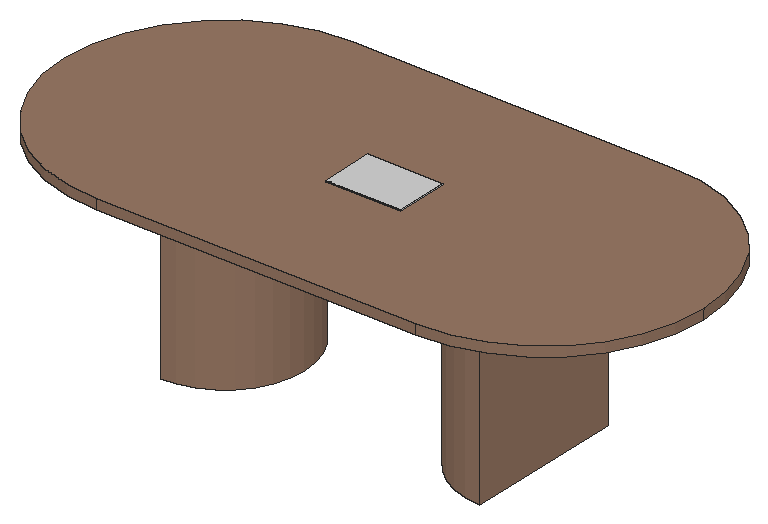
Revit family "Haworth_Executive_Table_SpecialRacetrack", category Furniture Systems, Revit 2018
Family settings
  Round Connector Dimension = Use Diameter
  Part Type = Normal
  OmniClass Number = 23.40.70.14.64.21
  OmniClass Title = Systems Furniture
  Work Plane-Based = No
  Always vertical = Yes
  Cut with Voids When Loaded = No
  Shared = No
  Room Calculation Point = No
Parameters (values of type "48d 96w Half Cylinder Bases")
  Wood X Size = if(Depth 60, 32", 26")  # 26"
  Width = 96"  # constant formula
  Warranty = "http://haworth.com/bottom-nav/product-info/warranty-info"
  URL - Product = "http://haworth.com/home/tables/executive/wood-conference-tables"
  Top Thickness = 1 1/2"  # constant formula
  Top Finish = Haworth - Wood - Mahogany
  Top Edge Finish = Haworth - Wood - Mahogany
  Sustainability = "http://haworth.com/bottom-nav/company-info/sustainability"
  Support Offset = if(Depth 60, 30", if(Depth 54, 27", if(Depth 48, 24", if(Depth 42, 21", 18"))))  # 24"
  Support Finish = Haworth - Wood - Mahogany
  Standard Widths = if(Depth 60, "108, 120 in.", if(Depth 54, "108, 120 in.", if(Depth 48, "84, 96, 108, 120 in.", if(Depth 42, "78, 84, 96, 108, 120 in.", "60, 66, 72, 78, 84 in."))))  # "84, 96, 108, 120 in."
  Slab Width = if(Actual Width < 79", Actual Width - 24", Actual Width - 48")  # 48"
  Size = "Verify Final Dim. w/ Haworth"  # constant formula
  Model = "Haworth_Executive-Table-Ractrack_Special"  # constant formula
  URL = "http://haworth.com/"
  Revision Number = "1"  # constant formula
  Min Width = if(Depth 60, 108", if(Depth 54, 108", if(Depth 48, 84", if(Depth 42, 78", 60"))))  # 84"
  Max Width = if(Depth 36, 84", 120")  # 120"
  Manufacturer = "Haworth"  # constant formula
  Flip Top Finish = Haworth - Paint - Metallic Champagne
  Cylinder Size = if(or(Depth 36, Depth 42), 18", if(or(Depth 48, Depth 54), 24", 30"))  # 24"
  Description = "Haworth_Executive-Table-Ractrack_Special"
  Depth 60 = no
  Depth 54 = no
  Depth 48 = yes
  Depth 42 = no
  Depth 36 = not(or(Depth 60, Depth 54, Depth 48, Depth 42))  # no
  Border Offset = 4 1/2"  # constant formula
  Border = yes
  Base Kit Wood X = no
  Base Kit Wood Slab = no
  Base Kit Half Cylinder = yes
  Base Kit Full Cylinder = not(or(Base Kit Wood X, Base Kit Wood Slab, Base Kit Half Cylinder))  # no
  Author = "Haworth (Hampton)"  # constant formula
  Assembly Code = "E2020200"
  Actual Width = if(Width < Min Width, Min Width, if(Width > Max Width, Max Width, Width))  # 96"
  Actual Height = 29 1/2"  # constant formula
  Standard Depths = "36, 42, 48, 54, 60 in."  # constant formula
  Actual Depth = 48"  # constant formula
Types (6): name | Wood X Size | Support Offset | Standard Widths | Slab Width | Min Width | Max Width | Cylinder Size | Description | Depth 60 | Depth 54 | Depth 48 | Depth 42 | Depth 36 | Base Kit Wood X | Base Kit Wood Slab | Base Kit Half Cylinder | Base Kit Full Cylinder | Actual Width
  (no name) | 26" | 24" | "84, 96, 108, 120 in." | 48" | 84" | 120" | 24" | "Haworth_Executive-Table-Ractrack_Special" | no | no | yes | no | no | no | no | yes | no | 96"
  60d 120w Slab Base | 32" | 30" | "108, 120 in." | 60" | 108" | 120" | 30" | "Haworth_Executive-Table-Rectangle_One-Piece" | yes | no | no | no | no | no | yes | no | no | 108"
  54d 120w X Bases | 26" | 27" | "108, 120 in." | 60" | 108" | 120" | 24" | "Haworth_Executive-Table-Rectangle_One-Piece" | no | yes | no | no | no | yes | no | no | no | 108"
  48d 96w Half Cylinder Bases | 26" | 24" | "84, 96, 108, 120 in." | 48" | 84" | 120" | 24" | "Haworth_Executive-Table-Ractrack_Special" | no | no | yes | no | no | no | no | yes | no | 96"
  42d 96w Full Cylinder Bases | 26" | 21" | "78, 84, 96, 108, 120 in." | 48" | 78" | 120" | 18" | "Haworth_Executive-Table-Rectangle_One-Piece" | no | no | no | yes | no | no | no | no | yes | 96"
  36d 72w Slab Base | 26" | 18" | "60, 66, 72, 78, 84 in." | 36" | 60" | 84" | 18" | "Haworth_Executive-Table-Rectangle_One-Piece" | no | no | no | no | yes | no | yes | no | no | 84"
Reference planes (in)
  plane 1 "Center F/B": y = -0.15866
  plane 2 "Floor": z = 0
  plane 3 "Center L/R": x = 0
  plane 4 "Table Edge Left": x = -48
  plane 5 "Table Edge Right": x = 48
  plane 6 "Table Edge Back": y = -24.15866
  plane 7 "Table Edge Front": y = 23.84134
  plane 8 "Table Top": z = 29.5
  plane 9 "Table Top Bottom": z = 28
  plane 10 "Leg Outside Left": x = -24
  plane 11 "Leg Outside Right": x = 24
  plane 12 "Trim Left": x = -43.5
  plane 13 "Trim Right": x = 43.5
  plane 14 "Trim Top": y = 19.34134
  plane 15 "Trim Bottom": y = -19.65866
Forms (in)
  Extrusion 1, solid, material "Haworth - Wood - Mahogany" <- "Top Finish"
    sketch origin (0, 0, 0) x (1, 0, 0) y (0, 1, 0)
      loop
        arc (-24, 23.84134) -> (-40.97056, 16.8119) -> (-48, -0.15866) r 24
        arc (-48, -0.15866) -> (-40.97056, -17.12922) -> (-24, -24.15866) r 24
        line (-24, -24.15866) -> (24, -24.15866)
        arc (24, -24.15866) -> (40.97056, -17.12922) -> (48, -0.15866) r 24
        arc (48, -0.15866) -> (40.97056, 16.8119) -> (24, 23.84134) r 24
        line (24, 23.84134) -> (-24, 23.84134)
    from 28 to 29.5
Lines and regions (in)
  Masking region 1
    outline origin (0, 0, 25.33203) x (0, -1, 0) y (1, 0, 0)
      loop
        arc (-23.84134, -24) -> (-16.8119, -40.97056) -> (0.15866, -48) r 24
        arc (0.15866, -48) -> (17.12922, -40.97056) -> (24.15866, -24) r 24
        line (24.15866, -24) -> (24.15866, 24)
        arc (24.15866, 24) -> (17.12922, 40.97056) -> (0.15866, 48) r 24
        arc (0.15866, 48) -> (-16.8119, 40.97056) -> (-23.84134, 24) r 24
        line (-23.84134, 24) -> (-23.84134, -24)
Dimensions and locks (in)
  "Actual Depth": plane 7 "Table Edge Front" to plane 6 "Table Edge Back"
  "Actual Width": plane 4 "Table Edge Left" to plane 5 "Table Edge Right"
  equal spacing: plane 4 "Table Edge Left", plane 3 "Center L/R", plane 5 "Table Edge Right"
  equal spacing: plane 7 "Table Edge Front", plane 1 "Center F/B", plane 6 "Table Edge Back"
  "Actual Height": plane 8 "Table Top" to level
  "Top Thickness": plane 8 "Table Top" to plane 9 "Table Top Bottom"
  "Support Offset": plane 4 "Table Edge Left" to plane 10 "Leg Outside Left"
  "Support Offset": plane 11 "Leg Outside Right" to plane 5 "Table Edge Right"
  "Border Offset": plane 7 "Table Edge Front" to plane 14 "Trim Top"
  "Border Offset": plane 15 "Trim Bottom" to plane 6 "Table Edge Back"
  "Border Offset": plane 4 "Table Edge Left" to plane 12 "Trim Left"
  "Border Offset": plane 13 "Trim Right" to plane 5 "Table Edge Right"
  aligned and locked: Extrusion 1 sketch curve to plane 7 "Table Edge Front"
  aligned and locked: plane 6 "Table Edge Back" to Extrusion 1 sketch curve
  aligned and locked: Extrusion 1 to plane 8 "Table Top"
  aligned and locked: Extrusion 1 to plane 9 "Table Top Bottom"
  aligned and locked: Masking region 1 sketch curve to Extrusion 1  (x2)
  aligned and locked: plane 3 "Center L/R" to nested 1
  aligned and locked: plane 1 "Center F/B" to nested 1
  aligned and locked: plane 10 "Leg Outside Left" to nested 2
  aligned and locked: plane 1 "Center F/B" to nested 2
  aligned and locked: nested 3 to plane 11 "Leg Outside Right"
  aligned and locked: plane 1 "Center F/B" to nested 3
  aligned and locked: nested 5 to nested 1
  aligned and locked: nested 5 to plane 10 "Leg Outside Left"
  aligned and locked: plane 1 "Center F/B" to nested 4
  aligned and locked: nested 4 to plane 11 "Leg Outside Right"
  aligned and locked: plane 10 "Leg Outside Left" to nested 6
  aligned and locked: plane 1 "Center F/B" to nested 6
  aligned and locked: nested 7 to plane 11 "Leg Outside Right"
  aligned and locked: plane 1 "Center F/B" to nested 7
Automatic sketch dimensions
  Masking region 1 sketch curve to Masking region 1 sketch curve = 0"  (x3)
  Masking region 1 sketch curve to plane 11 "Leg Outside Right" = 0"
  Masking region 1 sketch curve to plane 4 "Table Edge Left" = 0"
  Extrusion 1 sketch curve to Extrusion 1 sketch curve = 0"  (x4)
  plane 1 "Center F/B" to Extrusion 1 sketch curve = 0"
  Extrusion 1 sketch curve to plane 4 "Table Edge Left" = 0"
  Extrusion 1 sketch curve to plane 11 "Leg Outside Right" = 0"
Nested families (in)
  nested 1: "Haworth_Executive-Base_Wood-Slab-Small" at (0, 0, 0), visible <- "Base Kit Wood Slab", type "Wood Slab"
    with Width 48", Actual Width 48"
  nested 2: "Haworth_Executive-Base_Full-Cylinder" at (-24, 0, 0), visible <- "Base Kit Full Cylinder", type "Full Cylinder"
    with Diameter 24", Radius 12", Actual Diameter 24"
  nested 3: "Haworth_Executive-Base_Full-Cylinder" at (24, 0, 0), visible <- "Base Kit Full Cylinder", type "Full Cylinder"
    with Diameter 24", Radius 12", Actual Diameter 24"
  nested 4: "Haworth_Executive-Base_Half-Cylinder" at (24, 0, 0), visible <- "Base Kit Half Cylinder", type "Half Cylinder"
    with Diameter 24", Radius 12", Actual Diameter 24"
  nested 5: "Haworth_Executive-Base_Half-Cylinder" at (-24, -0.31732, 0) x (-1, 0, 0) z (0, 0, 1), visible <- "Base Kit Half Cylinder", type "Half Cylinder"
    with Diameter 24", Radius 12", Actual Diameter 24"
  nested 6: "Haworth_Executive-Base_Wood-X" at (-24, 0, 0), visible <- "Base Kit Wood X", type "Wood X"
  nested 7: "Haworth_Executive-Base_Wood-X" at (24, 0, 0), visible <- "Base Kit Wood X", type "Wood X"
  nested 8: "Haworth_Worksurface-Flip_Top_Unit" at (-0.57037, -0.21114, 29.5), type "Double Sided Wide"
    with Single Sided no, Double Sided Wide yes, Actual Width 11 1/4", Actual Depth 8"
Definition of nested family "Haworth_Executive-Base_Wood-Slab-Small"
  Parameters
    Width = 36"
    Warranty = ""
    URL - Product = ""
    Support Thickness Half = 1"  # constant formula
    Support Finish = none
    Support Bar Half = 3/8"  # constant formula
    Size = "Verify Final Dim. w/ Haworth"  # constant formula
    Model = "Haworth_Executive-Base_Wood-Slab_Small"  # constant formula
    URL = "http://haworth.com/"
    Revision Number = "1"  # constant formula
    Min Width = 36"  # constant formula
    Max Width = 72"  # constant formula
    Manufacturer = "Haworth"  # constant formula
    Description = "Haworth_Executive-Base_Wood-Slab_Small"
    Author = "Haworth (Hampton)"  # constant formula
    Assembly Code = "E2020200"
    Actual Height = 28"  # constant formula
    Actual Width = if(Width < Min Width, Min Width, if(Width > Max Width, Max Width, Width))  # 36"
    Actual Depth = 30"  # constant formula
  Reference planes (in)
    plane 1 "Center F/B": y = -0.15866
    plane 2 "Floor": z = 0
    plane 3 "Center L/R": x = 0
    plane 4 "Base Edge Left": x = -18
    plane 5 "Base Edge Right": x = 18
    plane 6 "Base Edge Back": y = -15.15866
    plane 7 "Base Edge Front": y = 14.84134
    plane 8 "Table Top Bottom": z = 28
    plane 9 "Left Out Support Edge": x = -19
    plane 10 "Left In Support Edge": x = -17
    plane 11 "Back Support Edge": y = 0.21634
    plane 12 "Front Support Edge": y = -0.53366
    plane 13 "Support Slab Bottom": z = 22
    plane 14 "Right Out Support Edge": x = 19
    plane 15 "Right In Support Edge": x = 17
  Forms (in)
    Extrusion 1, solid, material <- "Support Finish"
      sketch origin (0, 0, 0) x (1, 0, 0) y (0, 1, 0)
        loop
          line (-17, 0.21634) -> (-17, -0.53366) -> (17, -0.53366) -> (17, 0.21634) -> (-17, 0.21634)
      from 22 to 28
    Extrusion 2, solid, material <- "Support Finish"
      sketch origin (-27, 0, 0) x (1, 0, 0) y (0, 1, 0)
        loop
          line (8, 14.84134) -> (8, -15.15866) -> (10, -15.15866) -> (10, 14.84134) -> (8, 14.84134)
      from 0 to 28
    Extrusion 3, solid, material <- "Support Finish"
      sketch origin (35.79484, 0, 0) x (-1, 0, 0) y (0, -1, 0)
        loop
          line (16.79484, -14.84134) -> (18.79484, -14.84134) -> (18.79484, 15.15866) -> (16.79484, 15.15866) -> (16.79484, -14.84134)
      from 0 to 28
  Lines and regions (in)
    symbolic lines, detail levels fine
      curve 1: line (-17, -0.15866, 0) -> (17, -0.15866, 0)
      curve 2: line (-18, -15.15866, 0) -> (-18, 14.84134, 0)
      curve 3: line (18, -15.15866, 0) -> (18, 14.84134, 0)
  Dimensions and locks (in)
    "Actual Depth": plane 7 "Base Edge Front" to plane 6 "Base Edge Back"
    "Actual Width": plane 4 "Base Edge Left" to plane 5 "Base Edge Right"
    equal spacing: plane 4 "Base Edge Left", plane 3 "Center L/R", plane 5 "Base Edge Right"
    equal spacing: plane 7 "Base Edge Front", plane 1 "Center F/B", plane 6 "Base Edge Back"
    "Actual Height": plane 8 "Table Top Bottom" to plane 2 "Floor"
    "Support Bar Half": plane 12 "Front Support Edge" to plane 1 "Center F/B"
    "Support Bar Half": plane 1 "Center F/B" to plane 11 "Back Support Edge"
    "Support Thickness Half": plane 9 "Left Out Support Edge" to plane 4 "Base Edge Left"
    "Support Thickness Half": plane 4 "Base Edge Left" to plane 10 "Left In Support Edge"
    "Support Thickness Half": plane 15 "Right In Support Edge" to plane 5 "Base Edge Right"
    "Support Thickness Half": plane 5 "Base Edge Right" to plane 14 "Right Out Support Edge"
    aligned and locked: Extrusion 1 sketch curve to plane 11 "Back Support Edge"
    aligned and locked: Extrusion 1 sketch curve to plane 12 "Front Support Edge"
    aligned: Extrusion 1 sketch curve to plane 5 "Base Edge Right"
    aligned and locked: Extrusion 2 sketch curve to plane 7 "Base Edge Front"
    aligned and locked: Extrusion 2 sketch curve to plane 6 "Base Edge Back"
    aligned: Extrusion 2 sketch curve to plane 9 "Left Out Support Edge"
    aligned: Extrusion 2 sketch curve to plane 10 "Left In Support Edge"
    aligned and locked: plane 8 "Table Top Bottom" to Extrusion 2
    aligned: plane 8 "Table Top Bottom" to Extrusion 1
    aligned and locked: Extrusion 1 sketch curve to plane 10 "Left In Support Edge"
    aligned: Extrusion 1 to plane 13 "Support Slab Bottom"
    aligned and locked: Extrusion 2 to plane 10 "Left In Support Edge"
    aligned and locked: Extrusion 2 to plane 9 "Left Out Support Edge"
    aligned and locked: plane 4 "Base Edge Left" to curve 2
    aligned: plane 14 "Right Out Support Edge" to Extrusion 3 sketch curve
    aligned: plane 15 "Right In Support Edge" to Extrusion 3 sketch curve
    aligned and locked: plane 15 "Right In Support Edge" to Extrusion 3
    aligned and locked: plane 14 "Right Out Support Edge" to Extrusion 3
    aligned and locked: Extrusion 1 to curve 1
  Automatic sketch dimensions
    Extrusion 3 sketch curve to plane 6 "Base Edge Back" = 0"
    Extrusion 3 sketch curve to plane 7 "Base Edge Front" = 0"
    plane 1 "Center F/B" to curve 1 = 0"
    curve 1 to plane 10 "Left In Support Edge" = 0"
    curve 2 to plane 6 "Base Edge Back" = 0"
    curve 3 to plane 6 "Base Edge Back" = 0"
    curve 3 to plane 7 "Base Edge Front" = 0"
    curve 2 to plane 7 "Base Edge Front" = 0"
    curve 3 to plane 5 "Base Edge Right" = 0"
    Extrusion 1 sketch curve to plane 5 "Base Edge Right" = 1"
Definition of nested family "Haworth_Executive-Base_Full-Cylinder"
  Parameters
    Diameter = 18"
    Warranty = ""
    URL - Product = ""
    Support Finish = none
    Size = "Verify Final Dim. w/ Haworth"  # constant formula
    Radius = Actual Diameter / 2  # 9"
    Model = "Haworth_Executive-Base_Full-Cylinder"  # constant formula
    URL = "http://haworth.com/"
    Revision Number = "1"  # constant formula
    Min Width = 18"  # constant formula
    Max Width = 30"  # constant formula
    Manufacturer = "Haworth"  # constant formula
    Description = "Haworth_Executive-Base_Full-Cylinder"
    Author = "Haworth (Hampton)"  # constant formula
    Assembly Code = "E2020200"
    Actual Height = 28"  # constant formula
    Standard Diameters = "18, 24, 30 in."  # constant formula
    Actual Diameter = if(Diameter < Min Width, Min Width, if(Diameter > Max Width, Max Width, Diameter))  # 18"
  Reference planes (in)
    plane 1 "Center F/B": y = -0.15866
    plane 2 "Floor": z = 0
    plane 3 "Center L/R": x = 0
    plane 4 "Base Edge Left": x = -9
    plane 5 "Base Edge Right": x = 9
    plane 6 "Base Edge Back": y = -9.15866
    plane 7 "Base Edge Front": y = 8.84134
    plane 8 "Table Top Bottom": z = 28
  Forms (in)
    Extrusion 1, solid, material <- "Support Finish"
      sketch origin (0, 0, 0) x (1, 0, 0) y (0, 1, 0)
        loop
          circle (0, -0.15866) r 9
      from 0 to 28
  Lines and regions (in)
    symbolic lines, detail levels fine
      curve 1: circle (0, -0.15866, 0) r 9 normal (0, 0, 1)
  Dimensions and locks (in)
    "Actual Diameter": plane 7 "Base Edge Front" to plane 6 "Base Edge Back"
    "Actual Diameter": plane 4 "Base Edge Left" to plane 5 "Base Edge Right"
    equal spacing: plane 4 "Base Edge Left", plane 3 "Center L/R", plane 5 "Base Edge Right"
    equal spacing: plane 7 "Base Edge Front", plane 1 "Center F/B", plane 6 "Base Edge Back"
    "Actual Height": plane 8 "Table Top Bottom" to plane 2 "Floor"
    "Radius": radius of curve 1
    "Radius": radius of Extrusion 1 sketch curve
    aligned and locked: plane 8 "Table Top Bottom" to Extrusion 1
  Automatic sketch dimensions
    plane 1 "Center F/B" to Extrusion 1 sketch curve = 0"
    Extrusion 1 sketch curve to plane 3 "Center L/R" = 0"
    plane 1 "Center F/B" to curve 1 = 0"
    curve 1 to plane 3 "Center L/R" = 0"
Definition of nested family "Haworth_Executive-Base_Half-Cylinder"
  Parameters
    Diameter = 18"
    Warranty = ""
    URL - Product = ""
    Support Finish = none
    Size = "Verify Final Dim. w/ Haworth"  # constant formula
    Radius = Actual Diameter / 2  # 9"
    Model = "Haworth_Executive-Base_Half-Cylinder"  # constant formula
    URL = "http://haworth.com/"
    Revision Number = "1"  # constant formula
    Min Width = 18"  # constant formula
    Max Width = 30"  # constant formula
    Manufacturer = "Haworth"  # constant formula
    Description = "Haworth_Executive-Base_Half-Cylinder"
    Author = "Haworth (Hampton)"  # constant formula
    Assembly Code = "E2020200"
    Actual Height = 28"  # constant formula
    Standard Diameters = "18, 24, 30 in."  # constant formula
    Actual Diameter = if(Diameter < Min Width, Min Width, if(Diameter > Max Width, Max Width, Diameter))  # 18"
  Reference planes (in)
    plane 1 "Center F/B": y = -0.15866
    plane 2 "Floor": z = 0
    plane 3 "Center L/R": x = 0
    plane 4 "Base Edge Left": x = -9
    plane 5 "Base Edge Right": x = 9
    plane 6 "Base Edge Back": y = -9.15866
    plane 7 "Base Edge Front": y = 8.84134
    plane 8 "Table Top Bottom": z = 28
  Forms (in)
    Extrusion 1, solid, material <- "Support Finish"
      sketch origin (0, 0, 0) x (1, 0, 0) y (0, 1, 0)
        loop
          arc (0, 8.84134) -> (-9, -0.15866) -> (0, -9.15866) r 9
          line (0, -9.15866) -> (0, 8.84134)
      from 0 to 28
  Lines and regions (in)
    symbolic lines, detail levels fine
      curve 1: line (0, 8.84134, 0) -> (0, -9.15866, 0)
      curve 2: arc (0, 8.84134, 0) -> (-9, -0.15866, 0) -> (0, -9.15866, 0) r 9
  Dimensions and locks (in)
    "Actual Diameter": plane 7 "Base Edge Front" to plane 6 "Base Edge Back"
    "Actual Diameter": plane 4 "Base Edge Left" to plane 5 "Base Edge Right"
    equal spacing: plane 4 "Base Edge Left", plane 3 "Center L/R", plane 5 "Base Edge Right"
    equal spacing: plane 7 "Base Edge Front", plane 1 "Center F/B", plane 6 "Base Edge Back"
    "Actual Height": plane 8 "Table Top Bottom" to plane 2 "Floor"
    "Radius": radius of Extrusion 1 sketch curve
    "Radius": radius of Extrusion 1
    aligned and locked: plane 8 "Table Top Bottom" to Extrusion 1
  Automatic sketch dimensions
    Extrusion 1 sketch curve to plane 3 "Center L/R" = 0"
    Extrusion 1 sketch curve to plane 6 "Base Edge Back" = 0"
    Extrusion 1 sketch curve to plane 7 "Base Edge Front" = 0"
    plane 1 "Center F/B" to curve 2 = 0"
    curve 2 to plane 3 "Center L/R" = 0"
    curve 2 to plane 6 "Base Edge Back" = 0"
Definition of nested family "Haworth_Executive-Base_Wood-X"
  Parameters
    Width = 26"
    Warranty = ""
    URL - Product = ""
    Support Thickness Half = 5/8"  # constant formula
    Support Finish = none
    Size = "Verify Final Dim. w/ Haworth"  # constant formula
    Model = "Haworth_Executive-Base_Wood-X"  # constant formula
    URL = "http://haworth.com/"
    Revision Number = "1"  # constant formula
    Min Width = 26"  # constant formula
    Max Width = 32"  # constant formula
    Manufacturer = "Haworth"  # constant formula
    Description = "Haworth_Executive-Base_Wood-X"
    Author = "Haworth (Hampton)"  # constant formula
    Assembly Code = "E2020200"
    Actual Height = 28"  # constant formula
    Standard Widths = "26, 32 in."  # constant formula
    Actual Width = if(Width < Min Width, Min Width, if(Width > Max Width, Max Width, Width))  # 26"
  Reference planes (in)
    plane 1 "Center F/B": y = -0.15866
    plane 2 "Floor": z = 0
    plane 3 "Center L/R": x = 0
    plane 4 "Base Edge Left": x = -13
    plane 5 "Base Edge Right": x = 13
    plane 6 "Base Edge Back": y = -13.15866
    plane 7 "Base Edge Front": y = 12.84134
    plane 8 "Table Top Bottom": z = 28
    plane 9 "Left Support Edge": x = -0.625
    plane 10 "Right Support Edge": x = 0.625
    plane 11 "Back Support Edge": y = 0.46634
    plane 12 "Front Support Edge": y = -0.78366
  Forms (in)
    Extrusion 1, solid, material <- "Support Finish"
      sketch origin (0, 0, 0) x (1, 0, 0) y (0, 1, 0)
        loop
          line (-13, 0.46634) -> (-13, -0.78366) -> (13, -0.78366) -> (13, 0.46634) -> (-13, 0.46634)
      from 0 to 28
    Extrusion 2, solid, material <- "Support Finish"
      sketch origin (0, 0, 0) x (1, 0, 0) y (0, 1, 0)
        loop
          line (-0.625, 12.84134) -> (-0.625, 0.46634) -> (0.625, 0.46634) -> (0.625, 12.84134) -> (-0.625, 12.84134)
        loop
          line (-0.625, -13.15866) -> (0.625, -13.15866) -> (0.625, -0.78366) -> (-0.625, -0.78366) -> (-0.625, -13.15866)
      from 0 to 28
  Lines and regions (in)
    symbolic lines, detail levels fine
      curve 1: line (-13, -0.15866, 0) -> (13, -0.15866, 0)
      curve 2: line (0, -13.15866, 0) -> (0, 12.84134, 0)
  Dimensions and locks (in)
    "Actual Width": plane 7 "Base Edge Front" to plane 6 "Base Edge Back"
    "Actual Width": plane 4 "Base Edge Left" to plane 5 "Base Edge Right"
    equal spacing: plane 4 "Base Edge Left", plane 3 "Center L/R", plane 5 "Base Edge Right"
    equal spacing: plane 7 "Base Edge Front", plane 1 "Center F/B", plane 6 "Base Edge Back"
    "Actual Height": plane 8 "Table Top Bottom" to plane 2 "Floor"
    "Support Thickness Half": plane 12 "Front Support Edge" to plane 1 "Center F/B"
    "Support Thickness Half": plane 1 "Center F/B" to plane 11 "Back Support Edge"
    "Support Thickness Half": plane 9 "Left Support Edge" to plane 3 "Center L/R"
    "Support Thickness Half": plane 3 "Center L/R" to plane 10 "Right Support Edge"
    aligned and locked: Extrusion 1 sketch curve to plane 11 "Back Support Edge"
    aligned and locked: plane 4 "Base Edge Left" to Extrusion 1 sketch curve
    aligned and locked: Extrusion 1 sketch curve to plane 12 "Front Support Edge"
    aligned and locked: Extrusion 1 sketch curve to plane 5 "Base Edge Right"
    aligned and locked: Extrusion 2 sketch curve to plane 7 "Base Edge Front"
    aligned and locked: plane 9 "Left Support Edge" to Extrusion 2 sketch curve
    aligned and locked: plane 11 "Back Support Edge" to Extrusion 2 sketch curve
    aligned and locked: plane 10 "Right Support Edge" to Extrusion 2 sketch curve
    aligned and locked: Extrusion 2 sketch curve to plane 6 "Base Edge Back"
    aligned and locked: Extrusion 2 sketch curve to plane 9 "Left Support Edge"
    aligned and locked: Extrusion 2 sketch curve to plane 12 "Front Support Edge"
    aligned and locked: Extrusion 2 sketch curve to plane 10 "Right Support Edge"
    aligned and locked: plane 8 "Table Top Bottom" to Extrusion 2
    aligned and locked: plane 8 "Table Top Bottom" to Extrusion 1
  Automatic sketch dimensions
    plane 1 "Center F/B" to curve 1 = 0"
    curve 1 to plane 4 "Base Edge Left" = 0"
    curve 2 to plane 3 "Center L/R" = 0"
    curve 1 to plane 5 "Base Edge Right" = 0"
    curve 2 to plane 6 "Base Edge Back" = 0"
    curve 2 to plane 7 "Base Edge Front" = 0"
Definition of nested family "Haworth_Worksurface-Flip_Top_Unit"
  Parameters
    Warranty = "www.haworth.com/en-us/Products/Pages/Certifications.aspx"
    URL - Product = "www.haworth.com/en-us/Products/Furniture/Systems/Desking-Systems/Pages/Compose.aspx"
    URL = "www.haworth.com"
    Sustainability Info = "www.haworth.com/en-us/About-Us/Sustainability/Pages/Vision.aspx"
    Size = "Verify Final Dim. w/ Haworth"  # constant formula
    Single Sided = not(or(Single Sided Wide, Double Sided, Double Sided Wide))  # yes
    Single Sided Wide = no
    Revision Number = "2"  # constant formula
    Model = "Haworth_Worksurface-Flip_Top_Unit"  # constant formula
    Manufacturer = "Haworth"  # constant formula
    LEED Data = "www.haworth.com/_layouts/Haworth.ProductCatalog/Handlers/GetAsset.ashx/ComposeLEEDContributions.pdf?cid=27&rid=1824&type=Leed"
    Flip Top Finish = none
    Double Sided = no
    Double Sided Wide = no
    Description = "Haworth_Worksurface-Flip_Top_Unit"
    Default Elevation = 48"
    Author = "SHAPE Environments, LLC"  # constant formula
    Assembly Code = "E2020200"
    Actual Width = if(or(Double Sided Wide, Single Sided Wide), 11 1/4", 8 5/16")  # 8 5/16"
    Actual Depth = if(or(Double Sided Wide, Double Sided), 8", 4 3/8")  # 4 3/8"
  Reference planes (in)
    plane 1 "Center F/B": y = 0.05249
    plane 2: z = 0
    plane 3 "Center L/R": x = 0.57037
    plane 4 "Back": y = 2.23999
    plane 5 "Right": x = 4.72662
    plane 6 "Front": y = -2.13501
    plane 7 "Left": x = -3.58588
    plane 8 "Table Height": z = 0
  Forms (in)
    Extrusion 1, solid, material <- "Flip Top Finish"
      sketch origin (0, 0, 0) x (-1, 0, 0) y (0, -1, 0)
        loop
          line (3.58588, -2.23999) -> (3.58588, 2.13501) -> (-4.72662, 2.13501) -> (-4.72662, -2.23999) -> (3.58588, -2.23999)
      from 0 to 0.125
    Extrusion 2, solid, material <- "Flip Top Finish"
      sketch origin (0, 0, 0) x (-1, 0, 0) y (0, -1, 0)
        loop
          line (3.46088, -2.05249) -> (3.46088, 1.94751) -> (-4.60162, 1.94751) -> (-4.60162, -2.05249) -> (3.46088, -2.05249)
      from 0 to -2.75
  Cuts and joins
    joined: Extrusion 1, Extrusion 2
  Lines and regions (in)
    Masking region 1
      outline origin (0, 0, 0) x (1, 0, 0) y (0, 1, 0)
        loop
          line (-3.58588, 2.23999) -> (-3.58588, -2.13501) -> (4.72662, -2.13501) -> (4.72662, 2.23999) -> (-3.58588, 2.23999)
  Dimensions and locks (in)
    equal spacing: plane 7 "Left", plane 3 "Center L/R", plane 5 "Right"
    "Actual Width": plane 7 "Left" to plane 5 "Right"
    equal spacing: plane 6 "Front", plane 1 "Center F/B", plane 4 "Back"
    "Actual Depth": plane 4 "Back" to plane 6 "Front"
    plane 7 "Left" to Extrusion 2 sketch curve = 1/8"
    plane 4 "Back" to Extrusion 2 sketch curve = 3/16"
    Extrusion 2 sketch curve to plane 5 "Right" = 1/8"
    Extrusion 2 sketch curve to plane 6 "Front" = 3/16"
    locked: plane 8 "Table Height" to level
    aligned and locked: plane 7 "Left" to Extrusion 1 sketch curve
    aligned and locked: Extrusion 1 sketch curve to plane 4 "Back"
    aligned and locked: plane 6 "Front" to Extrusion 1 sketch curve
    aligned and locked: Extrusion 1 sketch curve to plane 5 "Right"
    aligned and locked: Masking region 1 sketch curve to cut or joined group of Extrusion 1, Extrusion 2  (x3)
    aligned and locked: cut or joined group of Extrusion 1, Extrusion 2 to Masking region 1 sketch curve
